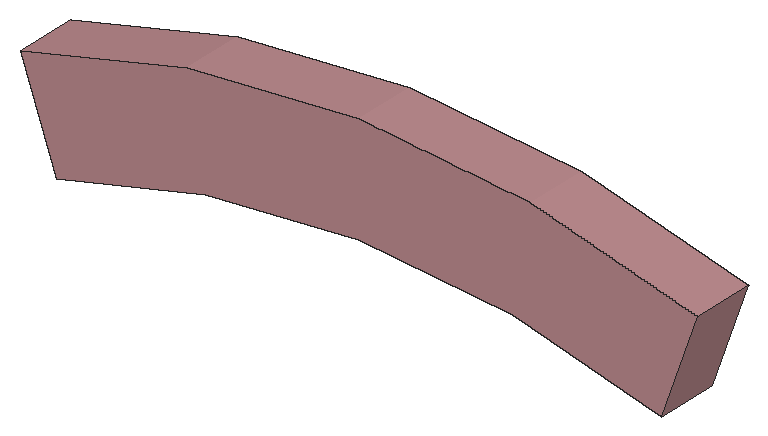
Revit family "WAC_A3-Lintel-Brick-Arched-(UK)", category Generic Models, host Wall, Revit 2016
Family settings
  Host = Wall
  Part Type = Undefined
  Can host rebar = No
  Round Connector Dimension = Use Diameter
  Always vertical = Yes
  Cut with Voids When Loaded = No
  Shared = No
  Room Calculation Point = No
Parameters (values of type "125 x 215mm Deep")
  Radius of Head = 1800.0 mm
  Opening Width [instance] = 1200.0 mm
  Material Head = Masonry - Brick Soldier Course
  Height to U/S Lintol [instance] = 2110.0 mm
  DONT CHANGE - Upper radius = Radius of Head + Cill Lintol Depth  # 2015.0 mm
  Cill/Lintol Width = 125.0 mm
  Cill/Lintol Offset from Ext = 25.0 mm
  Cill/Lintol Length [instance] = 1500.0 mm
  Cill Lintol Depth = 215.0 mm
Types (2, lengths in mm): name | Opening Width | Material Head | DONT CHANGE - Upper radius | Cill/Lintol Length | Cill Lintol Depth
  125 x 215mm Deep | 1200.0 | Masonry - Brick Soldier Course | 2015.0 | 1500.0 | 215.0
  125 x 150mm Deep | 1210.0 | none | 1950.0 | 1510.0 | 150.0
Reference planes
  plane 1 "Wall": y = -11.298
  plane 2 "Center (Left/Right)": x = 161.814
  plane 3 "Back": y = 138.702
  plane 4 "U/S Lintol": z = 2325
  plane 5: x = 761.814
  plane 6: x = -438.186
  plane 7: y = 163.702
  plane 8: y = 38.702
  plane 9: z = 2110
Forms (mm)
  Extrusion 1, void
    sketch origin (0, 138.702, 0) x (-1, 0, 0) y (0, 0, 1)
      loop
        line (438.186, 2110) -> (509.852, 2312.704)
        arc (509.852, 2312.704) -> (-161.814, 2427.944) -> (-833.481, 2312.704) r 2015
        line (-833.481, 2312.704) -> (-761.814, 2110)
        arc (-761.814, 2110) -> (-161.814, 2212.944) -> (438.186, 2110) r 1800
    from 0 to -100
  Extrusion 2, solid, material "Masonry - Brick Soldier Course" <- "Material Head"
    sketch origin (0, 138.702, 0) x (1, 0, 0) y (0, 0, 1)
      loop
        arc (-438.186, 2110) -> (161.814, 2212.944) -> (761.814, 2110) r 1800
        line (761.814, 2110) -> (833.481, 2312.704)
        arc (833.481, 2312.704) -> (161.814, 2427.944) -> (-509.852, 2312.704) r 2015
        line (-509.852, 2312.704) -> (-438.186, 2110)
    from -25 to 100
Text (mm)
  text "Placement side" at (-1848.837, 1116.779, 0), in view "Ref. Level"
  text "Placement side" at (0, 1409.804, 2854.306), in view "Left"
  text "Placement side" at (0, 499.811, 2980.732), in view "Right"
Dimensions and locks
  locked: plane 3 "Back" to host wall
  equal spacing: plane 5, plane 2 "Center (Left/Right)", plane 6
  "Opening Width": plane 5 to plane 6
  "Cill/Lintol Offset from Ext": plane 3 "Back" to plane 7
  "Cill/Lintol Width": plane 8 to plane 7
  "Cill Lintol Depth": plane 9 to plane 4 "U/S Lintol"
  "Height to U/S Lintol": level to plane 9
  "Radius of Head": radius of Extrusion 2 sketch curve
  "DONT CHANGE - Upper radius": radius of Extrusion 2 sketch curve
  "Radius of Head": radius of Extrusion 1 sketch curve
  "DONT CHANGE - Upper radius": radius of Extrusion 1 sketch curve
  aligned and locked: plane 1 "Wall" to host wall
  aligned and locked: Extrusion 1 to plane 8
  aligned and locked: host wall to Extrusion 1
  aligned and locked: plane 7 to Extrusion 2
  aligned and locked: Extrusion 2 to plane 8
  aligned and locked: Extrusion 1 sketch curve to Extrusion 1 sketch curve  (x2)
  aligned and locked: Extrusion 2 sketch curve to Extrusion 2 sketch curve  (x2)
Automatic sketch dimensions
  Extrusion 1 sketch curve to Extrusion 1 sketch curve = 0.0 mm  (x2)
  Extrusion 2 sketch curve to Extrusion 2 sketch curve = 0.0 mm  (x2)
  Extrusion 2 sketch curve to plane 6 = 0.0 mm
  Extrusion 2 sketch curve to plane 5 = 0.0 mm
  Extrusion 1 sketch curve to plane 5 = 0.0 mm
  Extrusion 1 sketch curve to plane 2 "Center (Left/Right)" = 0.0 mm
  Extrusion 1 sketch curve to plane 6 = 0.0 mm
  Extrusion 1 sketch curve to plane 9 = 0.0 mm
  Extrusion 2 sketch curve to plane 2 "Center (Left/Right)" = 0.0 mm
  Extrusion 2 sketch curve to plane 9 = 0.0 mm
